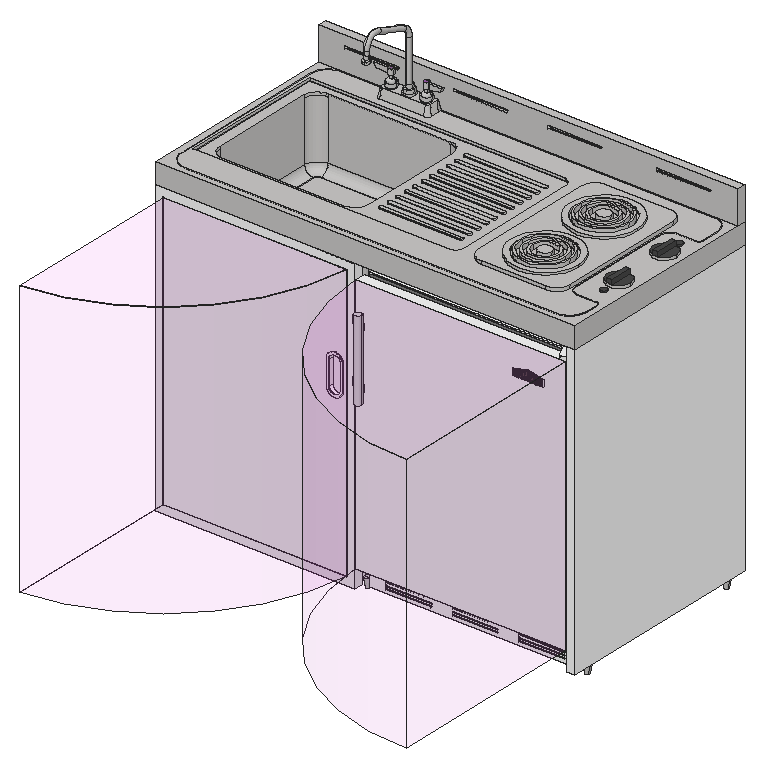
Revit family "QF_Summit_C48EL_Kitchenette", category Specialty Equipment, Revit 2020
Family settings
  Round Connector Dimension = Use Diameter
  Part Type = Normal
  Work Plane-Based = No
  Always vertical = Yes
  Cut with Voids When Loaded = No
  Shared = No
  Room Calculation Point = No
Parameters
  Weight in Pounds = 200
  Watts = Volts * FL Amps  # 2875 W
  Volts = 115 V
  URL Cutsheet = ""
  Specification by User = ""
  Specification by Manufacturer = ""
  Show LHD [instance] = no
  Show Legs [instance] = yes
  Show Clearance [instance] = yes
  Serial Number = ""
  Seismic Rating = ""
  SMACNA No = ""
  Revision Code = ""
  Refrigerant Volume = 0.00 kip
  Refrigerant Type = "R600a"
  Phase = 1
  Number of Poles = 1
  NAFEM Spec ID Number = ""
  Model = "C48EL"
  Min Ckt Ampacity = 0 A
  Max Overcurrent Protection = 0 A
  Masterspec = ""
  Manufacturer = "Summit"
  Length = 47 1/4"
  Item Number = ""
  Installed By = ""
  Identify Quantity as Lot = yes
  Height = 40"
  HP = ""
  Furnished By = ""
  Foodservice Equipment Identifier = yes
  FL Amps = 25 A
  Electrical Remarks = ""
  Electric Connection Type = ""
  Elec Conn RI Height = 0"
  Elec Conn Connection Height = 0"
  Description = "Kichenette"
  Depth = 24"
  Default Elevation = 0"
  Cycle = 60 Hz
  Conn Plug = ""
  Conn Conduit = yes
  CSI MasterFormat = ""
  BTUH = 0.0 Btu/h
  Apparent Power = if(Phase = 3, Volts * FL Amps * 1.73, Volts * FL Amps)  # 2875 VA
Reference planes (in)
  plane 1 "BACK": y = 0
  plane 2: z = 0
  plane 3 "LEFT": x = 0
  plane 4 "RIGHT": x = 47.25
  plane 5 "FRONT": y = -24
  plane 6 "TOP": z = 40
  plane 7 "Center Y": x = 23.625
  plane 8 "Center X": y = -12
  plane 9: z = 36.25
  plane 10: z = 33.875
  plane 11: z = 1
  plane 12: z = 20.875
  plane 13: z = 45.75
  plane 14: y = -1
  plane 15: y = -44.25
  plane 16: z = 36
  plane 17: x = 22.5
  plane 18: x = 46.375
Forms (in)
  Extrusion 1, solid, material "QF_Metal_Stainless_Polished"
    sketch origin (-11.06091, -180, 36.25) x (-1, 0, 0) y (0, -1, 0)
      loop
        line (-11.06091, -180) -> (-11.06091, -156) -> (-58.31091, -156) -> (-58.31091, -180) -> (-11.06091, -180)
      loop
        line (-11.81091, -177) -> (-11.81091, -158.75)
        arc (-11.81091, -158.75) -> (-12.3967, -157.33579) -> (-13.81091, -156.75) r 2
        line (-13.81091, -156.75) -> (-55.56091, -156.75)
        arc (-55.56091, -156.75) -> (-56.97512, -157.33579) -> (-57.56091, -158.75) r 2
        line (-57.56091, -158.75) -> (-57.56091, -177)
        arc (-57.56091, -177) -> (-56.97512, -178.41421) -> (-55.56091, -179) r 2
        line (-55.56091, -179) -> (-13.81091, -179)
        arc (-13.81091, -179) -> (-12.3967, -178.41421) -> (-11.81091, -177) r 2
    from 0 to -2.375
  Extrusion 2, solid, material "QF_Metal_Stainless_Polished"
    sketch origin (-2.35752, -180, 36) x (-1, 0, 0) y (0, -1, 0)
      loop
        line (-3.56275, -176.20889) -> (-3.56275, -159.83389) -> (-32.31275, -159.83389)
        arc (-32.31275, -159.83389) -> (-33.01985, -160.12678) -> (-33.31275, -160.83389) r 1
        line (-33.31275, -160.83389) -> (-33.31275, -175.20889)
        arc (-33.31275, -175.20889) -> (-33.01985, -175.916) -> (-32.31275, -176.20889) r 1
        line (-32.31275, -176.20889) -> (-3.56275, -176.20889)
      loop
        line (-20.09109, -175.375) -> (-6.34109, -175.375)
        arc (-6.34109, -175.375) -> (-5.28043, -174.93566) -> (-4.84109, -173.875) r 1.5
        line (-4.84109, -173.875) -> (-4.84109, -162)
        arc (-4.84109, -162) -> (-5.28043, -160.93934) -> (-6.34109, -160.5) r 1.5
        line (-6.34109, -160.5) -> (-20.09109, -160.5)
        arc (-20.09109, -160.5) -> (-21.15175, -160.93934) -> (-21.59109, -162) r 1.5
        line (-21.59109, -162) -> (-21.59109, -173.875)
        arc (-21.59109, -173.875) -> (-21.15175, -174.93566) -> (-20.09109, -175.375) r 1.5
    from 0 to -0.25
  Extrusion 3, solid, material "QF_Metal_Stainless_Polished"
    sketch origin (-2.35752, -178, 36) x (-1, 0, 0) y (0, -1, 0)
      loop
        line (-32.31275, -174.20889) -> (-3.56275, -174.20889) -> (-3.56275, -157.83389) -> (-32.31275, -157.83389)
        arc (-32.31275, -157.83389) -> (-33.01985, -158.12678) -> (-33.31275, -158.83389) r 1
        line (-33.31275, -158.83389) -> (-33.31275, -173.20889)
        arc (-33.31275, -173.20889) -> (-33.01985, -173.916) -> (-32.31275, -174.20889) r 1
      loop
        line (-3.10752, -175) -> (-3.10752, -156.75)
        arc (-3.10752, -156.75) -> (-3.69331, -155.33579) -> (-5.10752, -154.75) r 2
        line (-5.10752, -154.75) -> (-46.85752, -154.75)
        arc (-46.85752, -154.75) -> (-48.27174, -155.33579) -> (-48.85752, -156.75) r 2
        line (-48.85752, -156.75) -> (-48.85752, -175)
        arc (-48.85752, -175) -> (-48.27174, -176.41421) -> (-46.85752, -177) r 2
        line (-46.85752, -177) -> (-5.10752, -177)
        arc (-5.10752, -177) -> (-3.69331, -176.41421) -> (-3.10752, -175) r 2
    from 0 to -0.25
  Extrusion 4, solid, material "QF_Metal_Stainless_Polished"
    sketch origin (0.14248, -180, 36) x (-1, 0, 0) y (0, -1, 0)
      loop
        arc (-20.27666, -174.49159) -> (-20.06215, -174.27708) -> (-20.27666, -174.06256) r 0.21452
        line (-20.27666, -174.06256) -> (-29.2591, -174.06256)
        arc (-29.2591, -174.06256) -> (-29.47361, -174.27708) -> (-29.2591, -174.49159) r 0.21452
        line (-29.2591, -174.49159) -> (-20.27666, -174.49159)
      loop
        arc (-20.27666, -173.24159) -> (-20.06215, -173.02708) -> (-20.27666, -172.81256) r 0.21452
        line (-20.27666, -172.81256) -> (-29.2591, -172.81256)
        arc (-29.2591, -172.81256) -> (-29.47361, -173.02708) -> (-29.2591, -173.24159) r 0.21452
        line (-29.2591, -173.24159) -> (-20.27666, -173.24159)
      loop
        arc (-20.27666, -172.05409) -> (-20.06215, -171.83958) -> (-20.27666, -171.62506) r 0.21452
        line (-20.27666, -171.62506) -> (-29.2591, -171.62506)
        arc (-29.2591, -171.62506) -> (-29.47361, -171.83958) -> (-29.2591, -172.05409) r 0.21452
        line (-29.2591, -172.05409) -> (-20.27666, -172.05409)
      loop
        arc (-20.27666, -170.86659) -> (-20.06215, -170.65208) -> (-20.27666, -170.43756) r 0.21452
        line (-20.27666, -170.43756) -> (-29.2591, -170.43756)
        arc (-29.2591, -170.43756) -> (-29.47361, -170.65208) -> (-29.2591, -170.86659) r 0.21452
        line (-29.2591, -170.86659) -> (-20.27666, -170.86659)
      loop
        arc (-20.27666, -169.67909) -> (-20.06215, -169.46458) -> (-20.27666, -169.25006) r 0.21452
        line (-20.27666, -169.25006) -> (-29.2591, -169.25006)
        arc (-29.2591, -169.25006) -> (-29.47361, -169.46458) -> (-29.2591, -169.67909) r 0.21452
        line (-29.2591, -169.67909) -> (-20.27666, -169.67909)
      loop
        arc (-20.27666, -168.55409) -> (-20.06215, -168.33958) -> (-20.27666, -168.12506) r 0.21452
        line (-20.27666, -168.12506) -> (-29.2591, -168.12506)
        arc (-29.2591, -168.12506) -> (-29.47361, -168.33958) -> (-29.2591, -168.55409) r 0.21452
        line (-29.2591, -168.55409) -> (-20.27666, -168.55409)
      loop
        arc (-20.27666, -167.30409) -> (-20.06215, -167.08958) -> (-20.27666, -166.87506) r 0.21452
        line (-20.27666, -166.87506) -> (-29.2591, -166.87506)
        arc (-29.2591, -166.87506) -> (-29.47361, -167.08958) -> (-29.2591, -167.30409) r 0.21452
        line (-29.2591, -167.30409) -> (-20.27666, -167.30409)
      loop
        arc (-20.27666, -166.17909) -> (-20.06215, -165.96458) -> (-20.27666, -165.75006) r 0.21452
        line (-20.27666, -165.75006) -> (-29.2591, -165.75006)
        arc (-29.2591, -165.75006) -> (-29.47361, -165.96458) -> (-29.2591, -166.17909) r 0.21452
        line (-29.2591, -166.17909) -> (-20.27666, -166.17909)
      loop
        arc (-20.27666, -164.92909) -> (-20.06215, -164.71458) -> (-20.27666, -164.50006) r 0.21452
        line (-20.27666, -164.50006) -> (-29.2591, -164.50006)
        arc (-29.2591, -164.50006) -> (-29.47361, -164.71458) -> (-29.2591, -164.92909) r 0.21452
        line (-29.2591, -164.92909) -> (-20.27666, -164.92909)
      loop
        arc (-20.27666, -163.74159) -> (-20.06215, -163.52708) -> (-20.27666, -163.31256) r 0.21452
        line (-20.27666, -163.31256) -> (-29.2591, -163.31256)
        arc (-29.2591, -163.31256) -> (-29.47361, -163.52708) -> (-29.2591, -163.74159) r 0.21452
        line (-29.2591, -163.74159) -> (-20.27666, -163.74159)
      loop
        arc (-20.27666, -162.55409) -> (-20.06215, -162.33958) -> (-20.27666, -162.12506) r 0.21452
        line (-20.27666, -162.12506) -> (-29.2591, -162.12506)
        arc (-29.2591, -162.12506) -> (-29.47361, -162.33958) -> (-29.2591, -162.55409) r 0.21452
        line (-29.2591, -162.55409) -> (-20.27666, -162.55409)
    from 0 to 0.0625
  Extrusion 5, solid, material "QF_Metal_Stainless_Polished"
    sketch origin (-11.06091, -180, 36.25) x (-1, 0, 0) y (0, -1, 0)
      loop
        line (-11.06091, -180) -> (-11.06091, -179) -> (-58.31091, -179) -> (-58.31091, -180) -> (-11.06091, -180)
    from 0 to 3.75
  Sweep 6, solid, material "QF_Metal_Stainless_Polished"
    path origin (0, 0, 0) x (1, 0, 0) y (0, 1, 0)
      loop
        arc (2.48357, -18) -> (2.92291, -19.06066) -> (3.98357, -19.5) r 1.5
        line (3.98357, -19.5) -> (17.73357, -19.5)
        arc (17.73357, -19.5) -> (18.79423, -19.06066) -> (19.23357, -18) r 1.5
        line (19.23357, -18) -> (19.23357, -6.125)
        arc (19.23357, -6.125) -> (18.79423, -5.06434) -> (17.73357, -4.625) r 1.5
        line (17.73357, -4.625) -> (3.98357, -4.625)
        arc (3.98357, -4.625) -> (2.92291, -5.06434) -> (2.48357, -6.125) r 1.5
        line (2.48357, -6.125) -> (2.48357, -18)
    profile origin (2.48357, -12.0625, 0) x (-1, 0, 0) y (0, 0, 1)
      loop
        line (0, 35.875) -> (0, 28.99977)
        arc (0, 28.99977) -> (-0.29289, 28.29267) -> (-1, 27.99977) r 1
        line (-1, 27.99977) -> (-1, 27.93727)
        arc (-1, 27.93727) -> (-0.2487, 28.24847) -> (0.0625, 28.99977) r 1.0625
        line (0.0625, 28.99977) -> (0.0625, 35.875) -> (0, 35.875)
  Extrusion 7, void
    sketch origin (47.25, -1, 36.25) x (-1, 0, 0) y (0, 0, -1)
      loop
        arc (31.84057, -2.70577) -> (32.01245, -2.5339) -> (31.84057, -2.36202) r 0.17188
        line (31.84057, -2.36202) -> (25.97341, -2.36202)
        arc (25.97341, -2.36202) -> (25.80154, -2.5339) -> (25.97341, -2.70577) r 0.17188
        line (25.97341, -2.70577) -> (31.84057, -2.70577)
      loop
        arc (44.14922, -2.70577) -> (44.3211, -2.5339) -> (44.14922, -2.36202) r 0.17188
        line (44.14922, -2.36202) -> (38.28206, -2.36202)
        arc (38.28206, -2.36202) -> (38.11018, -2.5339) -> (38.28206, -2.70577) r 0.17188
        line (38.28206, -2.70577) -> (44.14922, -2.70577)
      loop
        line (15.40943, -2.70577) -> (21.27659, -2.70577)
        arc (21.27659, -2.70577) -> (21.44846, -2.5339) -> (21.27659, -2.36202) r 0.17188
        line (21.27659, -2.36202) -> (15.40943, -2.36202)
        arc (15.40943, -2.36202) -> (15.23755, -2.5339) -> (15.40943, -2.70577) r 0.17188
      loop
        line (3.10078, -2.70577) -> (8.96794, -2.70577)
        arc (8.96794, -2.70577) -> (9.13982, -2.5339) -> (8.96794, -2.36202) r 0.17188
        line (8.96794, -2.36202) -> (3.10078, -2.36202)
        arc (3.10078, -2.36202) -> (2.9289, -2.5339) -> (3.10078, -2.70577) r 0.17188
    from 0.25 to -0.25
  Extrusion 8, solid, material "QF_Plastic_White_Smooth"
    sketch origin (-11.06091, -180, 1) x (-1, 0, 0) y (0, -1, 0)
      loop
        line (-11.06091, -180) -> (-11.06091, -156) -> (-11.93591, -156) -> (-11.93591, -179.125) -> (-57.43591, -179.125) -> (-57.43591, -156) -> (-58.31091, -156) -> (-58.31091, -180) -> (-11.06091, -180)
    from 0 to 32.875
  Extrusion 9, solid, material "QF_Plastic_White_Smooth"
    sketch origin (0.875, -24, 1) x (-1, 0, 0) y (0, 0, -1)
      loop
        line (0, -32.875) -> (0, -32) -> (-20.75, -32) -> (-20.75, 0) -> (-21.625, 0) -> (-21.625, -32.875) -> (0, -32.875)
    from 0 to -1
  Extrusion 10, solid, material "QF_Plastic_White_Smooth"
    sketch origin (0.875, -0.875, 1) x (1, 0, 0) y (0, 0, 1)
      loop
        line (0, 0) -> (20.75, 0) -> (20.75, 0.875) -> (0, 0.875) -> (0, 0)
    from 0 to 23.125
  Extrusion 11, solid, material "QF_Plastic_White_Smooth"
    sketch origin (0.875, -24, 1) x (-1, 0, 0) y (0, 0, -1)
      loop
        line (-0.0625, -0.9375) -> (-20.6875, -0.9375) -> (-20.6875, -31.9375) -> (-0.0625, -31.9375) -> (-0.0625, -0.9375)
    from 0 to -1
  Extrusion 12, void
    sketch origin (13.75, -24, 1) x (-1, 0, 0) y (0, 0, -1)
      loop
        arc (-5.85467, -19.50639) -> (-6.51553, -18.84553) -> (-7.17639, -19.50639) r 0.66086
        line (-7.17639, -19.50639) -> (-7.17639, -22.2536)
        arc (-7.17639, -22.2536) -> (-6.51553, -22.91446) -> (-5.85467, -22.2536) r 0.66086
        line (-5.85467, -22.2536) -> (-5.85467, -19.50639)
    from 0.5 to -0.5009
  Extrusion 13, solid, material "QF_Plastic_White_Smooth"
    sketch origin (13.75, -24, 1) x (-1, 0, 0) y (0, 0, -1)
      loop
        arc (-7.17639, -22.2536) -> (-6.51553, -22.91446) -> (-5.85467, -22.2536) r 0.66086
        line (-5.85467, -22.2536) -> (-5.85467, -19.50639)
        arc (-5.85467, -19.50639) -> (-6.51553, -18.84553) -> (-7.17639, -19.50639) r 0.66086
        line (-7.17639, -19.50639) -> (-7.17639, -22.2536)
      loop
        arc (-7.42639, -22.2536) -> (-6.51553, -23.16446) -> (-5.60467, -22.2536) r 0.91086
        line (-5.60467, -22.2536) -> (-5.60467, -19.50639)
        arc (-5.60467, -19.50639) -> (-6.51553, -18.59553) -> (-7.42639, -19.50639) r 0.91086
        line (-7.42639, -19.50639) -> (-7.42639, -22.2536)
    from 0 to 0.0625
  Extrusion 14, solid, material "QF_Metal_Stainless_Polished"
    sketch origin (4.52411, 0, 36.25) x (1, 0, 0) y (0, 0, -1)
      loop
        circle (40.73073, 33.21044) r 0.125
    from 0 to 0.25
  Revolve 15, solid, material "QF_Metal_Stainless_Polished", visible <- "Show Legs"
    sketch origin (0, -2, 0) x (1, 0, 0) y (0, 0, 1)
      loop
        line (46.8125, 1) -> (46.8125, 0) -> (47.03274, 0) -> (47.19216, 1) -> (46.8125, 1)
      axis (46.8125, 1) -> (46.8125, 0)
    angle from 0 to 360
  Revolve 16, solid, material "QF_Metal_Stainless_Polished", visible <- "Show Legs"
    sketch origin (0, -21.625, 0) x (1, 0, 0) y (0, 0, 1)
      loop
        line (46.8125, 1) -> (46.8125, 0) -> (47.03274, 0) -> (47.19216, 1) -> (46.8125, 1)
      axis (46.8125, 1) -> (46.8125, 0)
    angle from 0 to 360
  Revolve 17, solid, material "QF_Metal_Stainless_Polished", visible <- "Show Legs"
    sketch origin (-29.125, -2, 0) x (1, 0, 0) y (0, 0, 1)
      loop
        line (29.5625, 1) -> (29.5625, 0) -> (29.78274, 0) -> (29.94216, 1) -> (29.5625, 1)
      axis (29.5625, 1) -> (29.5625, 0)
    angle from 0 to 360
  Revolve 18, solid, material "QF_Metal_Stainless_Polished", visible <- "Show Legs"
    sketch origin (-29.125, -21.625, 0) x (1, 0, 0) y (0, 0, 1)
      loop
        line (29.5625, 1) -> (29.5625, 0) -> (29.78274, 0) -> (29.94216, 1) -> (29.5625, 1)
      axis (29.5625, 1) -> (29.5625, 0)
    angle from 0 to 360
  Extrusion 19, solid, material "QF_Metal_Stainless_Polished"
    sketch origin (-2.35752, -178, 36) x (-1, 0, 0) y (0, -1, 0)
      loop
        arc (-5.10752, -177) -> (-3.69331, -176.41421) -> (-3.10752, -175) r 2
        line (-3.10752, -175) -> (-3.10752, -156.75)
        arc (-3.10752, -156.75) -> (-3.69331, -155.33579) -> (-5.10752, -154.75) r 2
        line (-5.10752, -154.75) -> (-46.85752, -154.75)
        arc (-46.85752, -154.75) -> (-48.27174, -155.33579) -> (-48.85752, -156.75) r 2
        line (-48.85752, -156.75) -> (-48.85752, -158.09658)
        arc (-48.85752, -158.09658) -> (-48.71108, -158.45013) -> (-48.35752, -158.59658) r 0.5
        line (-48.35752, -158.59658) -> (-46.26922, -158.59658)
        arc (-46.26922, -158.59658) -> (-45.56211, -158.88947) -> (-45.26922, -159.59658) r 1
        line (-45.26922, -159.59658) -> (-45.26922, -171.59653)
        arc (-45.26922, -171.59653) -> (-45.56211, -172.30364) -> (-46.26922, -172.59653) r 1
        line (-46.26922, -172.59653) -> (-48.35752, -172.59653)
        arc (-48.35752, -172.59653) -> (-48.71108, -172.74298) -> (-48.85752, -173.09653) r 0.5
        line (-48.85752, -173.09653) -> (-48.85752, -175)
        arc (-48.85752, -175) -> (-48.27174, -176.41421) -> (-46.85752, -177) r 2
        line (-46.85752, -177) -> (-5.10752, -177)
      loop
        line (-3.56275, -174.20889) -> (-3.56275, -157.83389) -> (-32.31275, -157.83389)
        arc (-32.31275, -157.83389) -> (-33.01985, -158.12678) -> (-33.31275, -158.83389) r 1
        line (-33.31275, -158.83389) -> (-33.31275, -173.20889)
        arc (-33.31275, -173.20889) -> (-33.01985, -173.916) -> (-32.31275, -174.20889) r 1
        line (-32.31275, -174.20889) -> (-3.56275, -174.20889)
      loop
        arc (-36.26149, -175.1607) -> (-35.20083, -174.72136) -> (-34.76149, -173.6607) r 1.5
        line (-34.76149, -173.6607) -> (-34.76149, -159.09285)
        arc (-34.76149, -159.09285) -> (-35.20083, -158.03219) -> (-36.26149, -157.59285) r 1.5
        line (-36.26149, -157.59285) -> (-43.51922, -157.59285)
        arc (-43.51922, -157.59285) -> (-44.57988, -158.03219) -> (-45.01922, -159.09285) r 1.5
        line (-45.01922, -159.09285) -> (-45.01922, -173.6607)
        arc (-45.01922, -173.6607) -> (-44.57988, -174.72136) -> (-43.51922, -175.1607) r 1.5
        line (-43.51922, -175.1607) -> (-36.26149, -175.1607)
    from 0 to 0.25
  Extrusion 20, solid, material "QF_Metal_Stainless_Polished"
    sketch origin (-10.31091, -180, 28.74977) x (0, -1, 0) y (-1, 0, 0)
      loop
        arc (-174.375, -28.04448) -> (-174.22855, -28.39804) -> (-173.875, -28.54448) r 0.5
        line (-173.875, -28.54448) -> (-162, -28.54448)
        arc (-162, -28.54448) -> (-161.64645, -28.39804) -> (-161.5, -28.04448) r 0.5
        line (-161.5, -28.04448) -> (-161.5, -14.29448)
        arc (-161.5, -14.29448) -> (-161.64645, -13.94093) -> (-162, -13.79448) r 0.5
        line (-162, -13.79448) -> (-173.875, -13.79448)
        arc (-173.875, -13.79448) -> (-174.22855, -13.94093) -> (-174.375, -14.29448) r 0.5
        line (-174.375, -14.29448) -> (-174.375, -28.04448)
      loop
        circle (-167.9375, -21.16948) r 1
    from 0.8125 to 0.75
  Extrusion 21, solid, material "QF_Metal_Stainless_Polished"
    sketch origin (0.64248, -178, 36) x (-1, 0, 0) y (0, -1, 0)
      loop
        arc (-42.26922, -159.59658) -> (-42.56211, -158.88947) -> (-43.26922, -158.59658) r 1
        line (-43.26922, -158.59658) -> (-45.35752, -158.59658)
        arc (-45.35752, -158.59658) -> (-45.71108, -158.45013) -> (-45.85752, -158.09658) r 0.5
        line (-45.85752, -158.09658) -> (-45.85752, -173.09653)
        arc (-45.85752, -173.09653) -> (-45.71108, -172.74298) -> (-45.35752, -172.59653) r 0.5
        line (-45.35752, -172.59653) -> (-43.26922, -172.59653)
        arc (-43.26922, -172.59653) -> (-42.56211, -172.30364) -> (-42.26922, -171.59653) r 1
        line (-42.26922, -171.59653) -> (-42.26922, -159.59658)
    from 0 to 0.25
  Extrusion 22, solid, material "QF_Metal_Stainless_Polished"
    sketch origin (7.64248, -180, 36) x (-1, 0, 0) y (0, -1, 0)
      loop
        line (-35.01922, -156.75) -> (-36.85752, -156.75)
        arc (-36.85752, -156.75) -> (-38.27174, -157.33579) -> (-38.85752, -158.75) r 2
        line (-38.85752, -158.75) -> (-38.85752, -160.09658)
        arc (-38.85752, -160.09658) -> (-38.71108, -160.45013) -> (-38.35752, -160.59658) r 0.5
        line (-38.35752, -160.59658) -> (-36.26922, -160.59658)
        arc (-36.26922, -160.59658) -> (-35.56211, -160.88947) -> (-35.26922, -161.59658) r 1
        line (-35.26922, -161.59658) -> (-35.26922, -173.59653)
        arc (-35.26922, -173.59653) -> (-35.56211, -174.30364) -> (-36.26922, -174.59653) r 1
        line (-36.26922, -174.59653) -> (-38.35752, -174.59653)
        arc (-38.35752, -174.59653) -> (-38.71108, -174.74298) -> (-38.85752, -175.09653) r 0.5
        line (-38.85752, -175.09653) -> (-38.85752, -177)
        arc (-38.85752, -177) -> (-38.27174, -178.41421) -> (-36.85752, -179) r 2
        line (-36.85752, -179) -> (-35.01922, -179) -> (-35.01922, -156.75)
    from 0 to -0.25
  Revolve 23, solid, material "QF_Metal_Stainless_Polished", visible <- "Show Legs"
    sketch origin (-16.5, -2, 0) x (1, 0, 0) y (0, 0, 1)
      loop
        line (38.5625, 1) -> (38.5625, 0) -> (38.78274, 0) -> (38.94216, 1) -> (38.5625, 1)
      axis (38.5625, 1) -> (38.5625, 0)
    angle from 0 to 360
  Revolve 24, solid, material "QF_Metal_Stainless_Polished", visible <- "Show Legs"
    sketch origin (-16.5, -21.625, 0) x (1, 0, 0) y (0, 0, 1)
      loop
        line (38.5625, 1) -> (38.5625, 0) -> (38.78274, 0) -> (38.94216, 1) -> (38.5625, 1)
      axis (38.5625, 1) -> (38.5625, 0)
    angle from 0 to 360
  Extrusion 25, solid, material "QF_Metal_Stainless_Polished"
    sketch origin (11.66498, -180, 36.125) x (-1, 0, 0) y (0, -1, 0)
      loop
        arc (-22.23899, -177.1607) -> (-21.17833, -176.72136) -> (-20.73899, -175.6607) r 1.5
        line (-20.73899, -175.6607) -> (-20.73899, -161.09285)
        arc (-20.73899, -161.09285) -> (-21.17833, -160.03219) -> (-22.23899, -159.59285) r 1.5
        line (-22.23899, -159.59285) -> (-29.49672, -159.59285)
        arc (-29.49672, -159.59285) -> (-30.55738, -160.03219) -> (-30.99672, -161.09285) r 1.5
        line (-30.99672, -161.09285) -> (-30.99672, -175.6607)
        arc (-30.99672, -175.6607) -> (-30.55738, -176.72136) -> (-29.49672, -177.1607) r 1.5
        line (-29.49672, -177.1607) -> (-22.23899, -177.1607)
    from 0 to 0.42639
  Extrusion 26, solid, material "QF_Metal_Stainless_Polished"
    sketch origin (11.66498, -180, 36.55139) x (-1, 0, 0) y (0, -1, 0)
      loop
        circle (-25.84717, -164.0404) r 3.75
      loop
        circle (-25.84717, -164.0404) r 3.14413
      loop
        circle (-25.84717, -172.3346) r 3.75
      loop
        circle (-25.84717, -172.3346) r 3.14413
    from 0 to 0.25
  Extrusion 27, solid, material "QF_Metal_Stainless_Polished"
    sketch origin (11.66498, -180, 36.80139) x (-1, 0, 0) y (0, -1, 0)
      loop
        circle (-25.84717, -164.0404) r 2.84153
      loop
        circle (-25.84717, -164.0404) r 2.64726
      loop
        circle (-25.84717, -164.0404) r 2.25
      loop
        circle (-25.84717, -164.0404) r 2
      loop
        circle (-25.84717, -164.0404) r 1.5838
      loop
        circle (-25.84717, -164.0404) r 1.34637
      loop
        circle (-25.84717, -164.0404) r 0.75
      loop
        circle (-25.84717, -172.3346) r 2.84153
      loop
        circle (-25.84717, -172.3346) r 2.64726
      loop
        circle (-25.84717, -172.3346) r 2.25
      loop
        circle (-25.84717, -172.3346) r 2
      loop
        circle (-25.84717, -172.3346) r 1.5838
      loop
        circle (-25.84717, -172.3346) r 1.34637
      loop
        circle (-25.84717, -172.3346) r 0.75
    from -0.25 to 0.25
  Extrusion 28, solid, material "QF_Metal_Stainless_Polished", not visible
    sketch origin (-2.35752, -180, 36.125) x (-1, 0, 0) y (0, -1, 0)
      loop
        arc (-22.23899, -177.1607) -> (-21.17833, -176.72136) -> (-20.73899, -175.6607) r 1.5
        line (-20.73899, -175.6607) -> (-20.73899, -161.09285)
        arc (-20.73899, -161.09285) -> (-21.17833, -160.03219) -> (-22.23899, -159.59285) r 1.5
        line (-22.23899, -159.59285) -> (-29.49672, -159.59285)
        arc (-29.49672, -159.59285) -> (-30.55738, -160.03219) -> (-30.99672, -161.09285) r 1.5
        line (-30.99672, -161.09285) -> (-30.99672, -175.6607)
        arc (-30.99672, -175.6607) -> (-30.55738, -176.72136) -> (-29.49672, -177.1607) r 1.5
        line (-29.49672, -177.1607) -> (-22.23899, -177.1607)
    from 0 to 0.42639
  Extrusion 29, solid, material "QF_Metal_Stainless_Polished", not visible
    sketch origin (-2.35752, -180, 36.55139) x (-1, 0, 0) y (0, -1, 0)
      loop
        circle (-25.84717, -164.0404) r 3.75
      loop
        circle (-25.84717, -164.0404) r 3.14413
      loop
        circle (-25.84717, -172.3346) r 3.75
      loop
        circle (-25.84717, -172.3346) r 3.14413
    from 0 to 0.25
  Extrusion 30, solid, material "QF_Metal_Stainless_Polished", not visible
    sketch origin (-2.35752, -180, 36.80139) x (-1, 0, 0) y (0, -1, 0)
      loop
        circle (-25.84717, -164.0404) r 2.84153
      loop
        circle (-25.84717, -164.0404) r 2.64726
      loop
        circle (-25.84717, -164.0404) r 2.25
      loop
        circle (-25.84717, -164.0404) r 2
      loop
        circle (-25.84717, -164.0404) r 1.5838
      loop
        circle (-25.84717, -164.0404) r 1.34637
      loop
        circle (-25.84717, -164.0404) r 0.75
      loop
        circle (-25.84717, -172.3346) r 2.84153
      loop
        circle (-25.84717, -172.3346) r 2.64726
      loop
        circle (-25.84717, -172.3346) r 2.25
      loop
        circle (-25.84717, -172.3346) r 2
      loop
        circle (-25.84717, -172.3346) r 1.5838
      loop
        circle (-25.84717, -172.3346) r 1.34637
      loop
        circle (-25.84717, -172.3346) r 0.75
    from -0.25 to 0.25
  Extrusion 31, solid, material "QF_Metal_Stainless_Polished"
    sketch origin (0.64248, -178, 36.25) x (-1, 0, 0) y (0, -1, 0)
      loop
        circle (-44.60165, -169.23461) r 1.31391
      loop
        circle (-44.60165, -162.76539) r 1.31391
    from 0 to 0.25
  Extrusion 32, solid, material "QF_Plastic_Black_Smooth"
    sketch origin (0.64248, -178, 36.5) x (-1, 0, 0) y (0, -1, 0)
      loop
        line (-44.33603, -170.52139) -> (-44.33603, -167.94783)
        arc (-44.33603, -167.94783) -> (-44.60165, -167.9207) -> (-44.86728, -167.94783) r 1.31391
        line (-44.86728, -167.94783) -> (-44.86728, -170.52139)
        arc (-44.86728, -170.52139) -> (-44.60165, -170.54852) -> (-44.33603, -170.52139) r 1.31391
      loop
        line (-44.33603, -164.05217) -> (-44.33603, -161.47861)
        arc (-44.33603, -161.47861) -> (-44.60165, -161.45148) -> (-44.86728, -161.47861) r 1.31391
        line (-44.86728, -161.47861) -> (-44.86728, -164.05217)
        arc (-44.86728, -164.05217) -> (-44.60165, -164.0793) -> (-44.33603, -164.05217) r 1.31391
    from 0 to 0.5
  Extrusion 33, solid, material "QF_Plastic_Black_Smooth"
    sketch origin (0.64248, -178, 36.25) x (-1, 0, 0) y (0, -1, 0)
      loop
        circle (-44.58853, -171.35138) r 0.34597
      loop
        circle (-44.58853, -160.64862) r 0.34597
    from 0 to 0.0625
  Extrusion 34, solid, material "QF_Clearances_Door_Drawer", visible <- "Show Clearance"
    sketch origin (17.8125, -24, 1.9375) x (0, 1, 0) y (1, 0, 0)
      loop
        line (0, -16.875) -> (0, 3.75)
        arc (0, 3.75) -> (-13.90828, -2.84801) -> (-20.25, -16.875) r 22.34781
        line (-20.25, -16.875) -> (0, -16.875)
    from 0 to -31
  Extrusion 35, void
    sketch origin (0, 0, 0) x (1, 0, 0) y (0, 0, 1)
      loop
        line (22.5, 5.75) -> (46.375, 5.75) -> (46.375, 29.125) -> (22.5, 29.125) -> (22.5, 5.75)
    from -6.52318 to 5.50841
Cuts and joins
  joined: Extrusion 2, Sweep 6
  Extrusion 7 cuts Extrusion 5
  Extrusion 35 cuts Extrusion 8
  joined: Extrusion 8, Extrusion 9, Extrusion 10
  Extrusion 12 cuts Extrusion 11
  joined: Extrusion 1, Extrusion 21
Lines and regions (in)
  symbolic lines
    curve 1: line (0, 0, 0) -> (0, -24, 0)
    curve 2: line (47.25, -24, 0) -> (47.25, 0, 0)
    curve 3: line (47.25, 0, 0) -> (0, 0, 0)
    curve 4: line (0, -1, 0) -> (47.25, -1, 0)
    curve 5: line (0, -24, 0) -> (47.25, -24, 0)
    curve 6: arc (0.75, -21.25, 0) -> (1.33579, -22.66421, 0) -> (2.75, -23.25, 0) r 2
    curve 7: line (2.75, -23.25, 0) -> (44.5, -23.25, 0)
    curve 8: arc (44.5, -23.25, 0) -> (45.91421, -22.66421, 0) -> (46.5, -21.25, 0) r 2
    curve 9: line (46.5, -21.25, 0) -> (46.5, -19.90342, 0)
    curve 10: arc (46.5, -19.90342, 0) -> (46.35355, -19.54987, 0) -> (46, -19.40342, 0) r 0.5
    curve 11: line (46, -19.40342, 0) -> (43.91169, -19.40342, 0)
    curve 12: arc (43.91169, -19.40342, 0) -> (43.20459, -19.11053, 0) -> (42.91169, -18.40342, 0) r 1
    curve 13: line (42.91169, -18.40342, 0) -> (42.91169, -6.40347, 0)
    curve 14: arc (42.91169, -6.40347, 0) -> (43.20459, -5.69636, 0) -> (43.91169, -5.40347, 0) r 1
    curve 15: line (43.91169, -5.40347, 0) -> (46, -5.40347, 0)
    curve 16: arc (46, -5.40347, 0) -> (46.35355, -5.25702, 0) -> (46.5, -4.90347, 0) r 0.5
    curve 17: line (46.5, -4.90347, 0) -> (46.5, -3, 0)
    curve 18: arc (46.5, -3, 0) -> (45.91421, -1.58579, 0) -> (44.5, -1, 0) r 2
    curve 19: arc (2.75, -1, 0) -> (1.33579, -1.58579, 0) -> (0.75, -3, 0) r 2
    curve 20: line (0.75, -3, 0) -> (0.75, -21.25, 0)
    curve 21: line (1.20523, -20.16611, 0) -> (1.20523, -3.79111, 0)
    curve 22: line (1.20523, -3.79111, 0) -> (29.95523, -3.79111, 0)
    curve 23: arc (29.95523, -3.79111, 0) -> (30.66233, -4.084, 0) -> (30.95523, -4.79111, 0) r 1
    curve 24: line (30.95523, -4.79111, 0) -> (30.95523, -19.16611, 0)
    curve 25: arc (30.95523, -19.16611, 0) -> (30.66233, -19.87322, 0) -> (29.95523, -20.16611, 0) r 1
    curve 26: line (29.95523, -20.16611, 0) -> (1.20523, -20.16611, 0)
    curve 27: arc (3.98357, -19.5, 0) -> (2.92291, -19.06066, 0) -> (2.48357, -18, 0) r 1.5
    curve 28: line (2.48357, -18, 0) -> (2.48357, -6.125, 0)
    curve 29: arc (2.48357, -6.125, 0) -> (2.92291, -5.06434, 0) -> (3.98357, -4.625, 0) r 1.5
    curve 30: line (3.98357, -4.625, 0) -> (10.67337, -4.625, 0)
    curve 31: arc (17.73357, -4.625, 0) -> (18.79423, -5.06434, 0) -> (19.23357, -6.125, 0) r 1.5
    curve 32: line (19.23357, -6.125, 0) -> (19.23357, -18, 0)
    curve 33: arc (19.23357, -18, 0) -> (18.79423, -19.06066, 0) -> (17.73357, -19.5, 0) r 1.5
    curve 34: line (17.73357, -19.5, 0) -> (3.98357, -19.5, 0)
    curve 35: arc (3.48357, -18, 0) -> (3.63002, -18.35355, 0) -> (3.98357, -18.5, 0) r 0.5
    curve 36: line (3.98357, -18.5, 0) -> (17.73357, -18.5, 0)
    curve 37: arc (17.73357, -18.5, 0) -> (18.08713, -18.35355, 0) -> (18.23357, -18, 0) r 0.5
    curve 38: line (18.23357, -18, 0) -> (18.23357, -6.125, 0)
    curve 39: arc (18.23357, -6.125, 0) -> (18.08713, -5.77145, 0) -> (17.73357, -5.625, 0) r 0.5
    curve 40: line (17.73357, -5.625, 0) -> (11.29837, -5.625, 0)
    curve 41: arc (3.98357, -5.625, 0) -> (3.63002, -5.77145, 0) -> (3.48357, -6.125, 0) r 0.5
    curve 42: line (3.48357, -6.125, 0) -> (3.48357, -18, 0)
    curve 43: arc (10.85857, -13.0625, 0) -> (9.85857, -12.0625, 0) -> (10.85857, -11.0625, 0) r 1
    curve 44: arc (10.85857, -13.0625, 0) -> (11.85857, -12.0625, 0) -> (10.85857, -11.0625, 0) r 1
    curve 45: line (20.41914, -5.93744, 0) -> (29.40158, -5.93744, 0)
    curve 46: arc (29.40158, -5.93744, 0) -> (29.61609, -5.72292, 0) -> (29.40158, -5.50841, 0) r 0.21452
    curve 47: line (29.40158, -5.50841, 0) -> (20.41914, -5.50841, 0)
    curve 48: arc (20.41914, -5.50841, 0) -> (20.20463, -5.72292, 0) -> (20.41914, -5.93744, 0) r 0.21452
    curve 49: line (29.40158, -6.75841, 0) -> (20.41914, -6.75841, 0)
    curve 50: arc (20.41914, -6.75841, 0) -> (20.20463, -6.97292, 0) -> (20.41914, -7.18744, 0) r 0.21452
    curve 51: line (20.41914, -7.18744, 0) -> (29.40158, -7.18744, 0)
    curve 52: arc (29.40158, -7.18744, 0) -> (29.61609, -6.97292, 0) -> (29.40158, -6.75841, 0) r 0.21452
    curve 53: line (29.40158, -7.94591, 0) -> (20.41914, -7.94591, 0)
    curve 54: arc (20.41914, -7.94591, 0) -> (20.20463, -8.16042, 0) -> (20.41914, -8.37494, 0) r 0.21452
    curve 55: line (20.41914, -8.37494, 0) -> (29.40158, -8.37494, 0)
    curve 56: arc (29.40158, -8.37494, 0) -> (29.61609, -8.16042, 0) -> (29.40158, -7.94591, 0) r 0.21452
    curve 57: line (29.40158, -9.13341, 0) -> (20.41914, -9.13341, 0)
    curve 58: arc (20.41914, -9.13341, 0) -> (20.20463, -9.34792, 0) -> (20.41914, -9.56244, 0) r 0.21452
    curve 59: line (20.41914, -9.56244, 0) -> (29.40158, -9.56244, 0)
    curve 60: arc (29.40158, -9.56244, 0) -> (29.61609, -9.34792, 0) -> (29.40158, -9.13341, 0) r 0.21452
    curve 61: line (29.40158, -10.32091, 0) -> (20.41914, -10.32091, 0)
    curve 62: arc (20.41914, -10.32091, 0) -> (20.20463, -10.53542, 0) -> (20.41914, -10.74994, 0) r 0.21452
    curve 63: line (20.41914, -10.74994, 0) -> (29.40158, -10.74994, 0)
    curve 64: arc (29.40158, -10.74994, 0) -> (29.61609, -10.53542, 0) -> (29.40158, -10.32091, 0) r 0.21452
    curve 65: line (29.40158, -11.44591, 0) -> (20.41914, -11.44591, 0)
    curve 66: arc (20.41914, -11.44591, 0) -> (20.20463, -11.66042, 0) -> (20.41914, -11.87494, 0) r 0.21452
    curve 67: line (20.41914, -11.87494, 0) -> (29.40158, -11.87494, 0)
    curve 68: arc (29.40158, -11.87494, 0) -> (29.61609, -11.66042, 0) -> (29.40158, -11.44591, 0) r 0.21452
    curve 69: line (29.40158, -12.69591, 0) -> (20.41914, -12.69591, 0)
    curve 70: arc (20.41914, -12.69591, 0) -> (20.20463, -12.91042, 0) -> (20.41914, -13.12494, 0) r 0.21452
    curve 71: line (20.41914, -13.12494, 0) -> (29.40158, -13.12494, 0)
    curve 72: arc (29.40158, -13.12494, 0) -> (29.61609, -12.91042, 0) -> (29.40158, -12.69591, 0) r 0.21452
    curve 73: line (29.40158, -13.82091, 0) -> (20.41914, -13.82091, 0)
    curve 74: arc (20.41914, -13.82091, 0) -> (20.20463, -14.03542, 0) -> (20.41914, -14.24994, 0) r 0.21452
    curve 75: line (20.41914, -14.24994, 0) -> (29.40158, -14.24994, 0)
    curve 76: arc (29.40158, -14.24994, 0) -> (29.61609, -14.03542, 0) -> (29.40158, -13.82091, 0) r 0.21452
    curve 77: line (29.40158, -15.07091, 0) -> (20.41914, -15.07091, 0)
    curve 78: arc (20.41914, -15.07091, 0) -> (20.20463, -15.28542, 0) -> (20.41914, -15.49994, 0) r 0.21452
    curve 79: line (20.41914, -15.49994, 0) -> (29.40158, -15.49994, 0)
    curve 80: arc (29.40158, -15.49994, 0) -> (29.61609, -15.28542, 0) -> (29.40158, -15.07091, 0) r 0.21452
    curve 81: line (29.40158, -16.25841, 0) -> (20.41914, -16.25841, 0)
    curve 82: arc (20.41914, -16.25841, 0) -> (20.20463, -16.47292, 0) -> (20.41914, -16.68744, 0) r 0.21452
    curve 83: line (20.41914, -16.68744, 0) -> (29.40158, -16.68744, 0)
    curve 84: arc (29.40158, -16.68744, 0) -> (29.61609, -16.47292, 0) -> (29.40158, -16.25841, 0) r 0.21452
    curve 85: line (29.40158, -17.44591, 0) -> (20.41914, -17.44591, 0)
    curve 86: arc (20.41914, -17.44591, 0) -> (20.20463, -17.66042, 0) -> (20.41914, -17.87494, 0) r 0.21452
    curve 87: line (20.41914, -17.87494, 0) -> (29.40158, -17.87494, 0)
    curve 88: arc (29.40158, -17.87494, 0) -> (29.61609, -17.66042, 0) -> (29.40158, -17.44591, 0) r 0.21452
    curve 89: line (11.29837, -4.625, 0) -> (17.73357, -4.625, 0)
    curve 90: line (10.67337, -5.625, 0) -> (3.98357, -5.625, 0)
    curve 91: line (32.40397, -4.3393, 0) -> (32.40397, -18.90715, 0)
    curve 92: arc (32.40397, -18.90715, 0) -> (32.84331, -19.96781, 0) -> (33.90397, -20.40715, 0) r 1.5
    curve 93: line (33.90397, -20.40715, 0) -> (41.16169, -20.40715, 0)
    curve 94: arc (41.16169, -20.40715, 0) -> (42.22235, -19.96781, 0) -> (42.66169, -18.90715, 0) r 1.5
    curve 95: line (42.66169, -18.90715, 0) -> (42.66169, -4.3393, 0)
    curve 96: arc (42.66169, -4.3393, 0) -> (42.22235, -3.27864, 0) -> (41.16169, -2.8393, 0) r 1.5
    curve 97: line (41.16169, -2.8393, 0) -> (33.90397, -2.8393, 0)
    curve 98: arc (33.90397, -2.8393, 0) -> (32.84331, -3.27864, 0) -> (32.40397, -4.3393, 0) r 1.5
    curve 99: arc (41.26214, -7.6654, 0) -> (37.51214, -3.9154, 0) -> (33.76214, -7.6654, 0) r 3.75
    curve 100: arc (33.76214, -7.6654, 0) -> (37.51214, -11.4154, 0) -> (41.26214, -7.6654, 0) r 3.75
    curve 101: arc (34.36802, -7.6654, 0) -> (37.51214, -4.52127, 0) -> (40.65627, -7.6654, 0) r 3.14413
    curve 102: arc (40.65627, -7.6654, 0) -> (37.51214, -10.80953, 0) -> (34.36802, -7.6654, 0) r 3.14413
    curve 103: arc (40.35367, -7.6654, 0) -> (37.51214, -4.82387, 0) -> (34.67062, -7.6654, 0) r 2.84153
    curve 104: arc (34.67062, -7.6654, 0) -> (37.51214, -10.50693, 0) -> (40.35367, -7.6654, 0) r 2.84153
    curve 105: arc (34.86488, -7.6654, 0) -> (37.51214, -5.01814, 0) -> (40.1594, -7.6654, 0) r 2.64726
    curve 106: arc (40.1594, -7.6654, 0) -> (37.51214, -10.31266, 0) -> (34.86488, -7.6654, 0) r 2.64726
    curve 107: arc (39.76214, -7.6654, 0) -> (37.51214, -5.4154, 0) -> (35.26214, -7.6654, 0) r 2.25
    curve 108: arc (35.26214, -7.6654, 0) -> (37.51214, -9.9154, 0) -> (39.76214, -7.6654, 0) r 2.25
    curve 109: arc (35.51214, -7.6654, 0) -> (37.51214, -5.6654, 0) -> (39.51214, -7.6654, 0) r 2
    curve 110: arc (39.51214, -7.6654, 0) -> (37.51214, -9.6654, 0) -> (35.51214, -7.6654, 0) r 2
    curve 111: arc (39.09595, -7.6654, 0) -> (37.51214, -6.0816, 0) -> (35.92834, -7.6654, 0) r 1.5838
    curve 112: arc (35.92834, -7.6654, 0) -> (37.51214, -9.2492, 0) -> (39.09595, -7.6654, 0) r 1.5838
    curve 113: arc (36.16577, -7.6654, 0) -> (37.51214, -6.31902, 0) -> (38.85852, -7.6654, 0) r 1.34637
    curve 114: arc (38.85852, -7.6654, 0) -> (37.51214, -9.01177, 0) -> (36.16577, -7.6654, 0) r 1.34637
    curve 115: arc (38.26214, -7.6654, 0) -> (37.51214, -6.9154, 0) -> (36.76214, -7.6654, 0) r 0.75
    curve 116: arc (36.76214, -7.6654, 0) -> (37.51214, -8.4154, 0) -> (38.26214, -7.6654, 0) r 0.75
    curve 117: arc (41.26214, -15.9596, 0) -> (37.51214, -12.2096, 0) -> (33.76214, -15.9596, 0) r 3.75
    curve 118: arc (33.76214, -15.9596, 0) -> (37.51214, -19.7096, 0) -> (41.26214, -15.9596, 0) r 3.75
    curve 119: arc (34.36802, -15.9596, 0) -> (37.51214, -12.81547, 0) -> (40.65627, -15.9596, 0) r 3.14413
    curve 120: arc (40.65627, -15.9596, 0) -> (37.51214, -19.10373, 0) -> (34.36802, -15.9596, 0) r 3.14413
    curve 121: arc (40.35367, -15.9596, 0) -> (37.51214, -13.11807, 0) -> (34.67062, -15.9596, 0) r 2.84153
    curve 122: arc (34.67062, -15.9596, 0) -> (37.51214, -18.80113, 0) -> (40.35367, -15.9596, 0) r 2.84153
    curve 123: arc (34.86488, -15.9596, 0) -> (37.51214, -13.31234, 0) -> (40.1594, -15.9596, 0) r 2.64726
    curve 124: arc (40.1594, -15.9596, 0) -> (37.51214, -18.60686, 0) -> (34.86488, -15.9596, 0) r 2.64726
    curve 125: arc (39.76214, -15.9596, 0) -> (37.51214, -13.7096, 0) -> (35.26214, -15.9596, 0) r 2.25
    curve 126: arc (35.26214, -15.9596, 0) -> (37.51214, -18.2096, 0) -> (39.76214, -15.9596, 0) r 2.25
    curve 127: arc (35.51214, -15.9596, 0) -> (37.51214, -13.9596, 0) -> (39.51214, -15.9596, 0) r 2
    curve 128: arc (39.51214, -15.9596, 0) -> (37.51214, -17.9596, 0) -> (35.51214, -15.9596, 0) r 2
    curve 129: arc (39.09595, -15.9596, 0) -> (37.51214, -14.3758, 0) -> (35.92834, -15.9596, 0) r 1.5838
    curve 130: arc (35.92834, -15.9596, 0) -> (37.51214, -17.5434, 0) -> (39.09595, -15.9596, 0) r 1.5838
    curve 131: arc (36.16577, -15.9596, 0) -> (37.51214, -14.61323, 0) -> (38.85852, -15.9596, 0) r 1.34637
    curve 132: arc (38.85852, -15.9596, 0) -> (37.51214, -17.30598, 0) -> (36.16577, -15.9596, 0) r 1.34637
    curve 133: arc (38.26214, -15.9596, 0) -> (37.51214, -15.2096, 0) -> (36.76214, -15.9596, 0) r 0.75
    curve 134: arc (36.76214, -15.9596, 0) -> (37.51214, -16.7096, 0) -> (38.26214, -15.9596, 0) r 0.75
    curve 135: arc (45.57697, -6.64862, 0) -> (45.23101, -6.30265, 0) -> (44.88504, -6.64862, 0) r 0.34597
    curve 136: arc (44.88504, -6.64862, 0) -> (45.23101, -6.99459, 0) -> (45.57697, -6.64862, 0) r 0.34597
    curve 137: arc (46.55803, -8.76539, 0) -> (45.24413, -7.45148, 0) -> (43.93022, -8.76539, 0) r 1.31391
    curve 138: arc (43.93022, -8.76539, 0) -> (45.24413, -10.0793, 0) -> (46.55803, -8.76539, 0) r 1.31391
    curve 139: line (44.9785, -7.47861, 0) -> (44.9785, -10.05217, 0)
    curve 140: line (45.50975, -10.05217, 0) -> (45.50975, -7.47861, 0)
    curve 141: line (44.9785, -13.94783, 0) -> (44.9785, -16.52139, 0)
    curve 142: line (45.50975, -16.52139, 0) -> (45.50975, -13.94783, 0)
    curve 143: arc (46.55803, -15.23461, 0) -> (45.24413, -13.9207, 0) -> (43.93022, -15.23461, 0) r 1.31391
    curve 144: arc (43.93022, -15.23461, 0) -> (45.24413, -16.54852, 0) -> (46.55803, -15.23461, 0) r 1.31391
    curve 145: arc (44.88504, -17.35138, 0) -> (45.23101, -17.69735, 0) -> (45.57697, -17.35138, 0) r 0.34597
    curve 146: arc (45.57697, -17.35138, 0) -> (45.23101, -17.00541, 0) -> (44.88504, -17.35138, 0) r 0.34597
  symbolic lines, style "QF_Clearances_Door_Drawer", visible <- "Show Clearance"
    curve 147: line (0.9375, -24, 0) -> (18.1689, -33.94855, 0)
    curve 148: arc (21.5625, -24, 0) -> (20.45894, -29.17664, 0) -> (18.1689, -33.94855, 0) r 22.34781
Dimensions and locks (in)
  equal spacing: plane 3 "LEFT", plane 7 "Center Y", plane 4 "RIGHT"
  "Length": plane 3 "LEFT" to plane 4 "RIGHT"
  equal spacing: plane 5 "FRONT", plane 8 "Center X", plane 1 "BACK"
  "Depth": plane 5 "FRONT" to plane 1 "BACK"
  "Height": plane 6 "TOP" to level
  plane 4 "RIGHT" to plane 3 "LEFT" = 47 1/4"
  plane 6 "TOP" to plane 9 = 3 3/4"
  plane 9 to plane 10 = 2 3/8"
  plane 9 to plane 2 = 36 1/4"
  plane 11 to plane 2 = 1"
  plane 10 to plane 11 = 32 7/8"
  plane 10 to plane 12 = 13"
  plane 14 to plane 1 "BACK" = 1"
  locked: plane 13 to plane 9 at 9.5
  plane 15 to plane 1 "BACK" = 44 1/4"
  plane 17 to plane 3 "LEFT" = 22 1/2"
  plane 17 to plane 18 = 23 7/8"
  locked: plane 9 to plane 16 at 0.25
  plane 3 "LEFT" to nested 1 = 11"
  aligned and locked: level to plane 2
Automatic sketch dimensions
  Extrusion 25 sketch curve to Extrusion 25 sketch curve = 7.25773"  (x2)
  Extrusion 25 sketch curve to Extrusion 25 sketch curve = 1 1/2"  (x3)
  Extrusion 25 sketch curve to Extrusion 25 sketch curve = 14.56786"
  Extrusion 26 sketch curve to Extrusion 26 sketch curve = 0"  (x4)
  Extrusion 26 sketch curve to Extrusion 25 = 5.10818"  (x2)
  Extrusion 26 sketch curve to Extrusion 25 = 4.8261"
  Extrusion 26 sketch curve to Extrusion 25 = 4.44755"
  Extrusion 28 sketch curve to Extrusion 28 sketch curve = 7.25773"  (x2)
  Extrusion 28 sketch curve to Extrusion 28 sketch curve = 1 1/2"  (x3)
  Extrusion 28 sketch curve to Extrusion 28 sketch curve = 14.56786"
  Extrusion 29 sketch curve to Extrusion 29 sketch curve = 0"  (x4)
  Extrusion 29 sketch curve to Extrusion 28 = 5.10818"  (x2)
  Extrusion 29 sketch curve to Extrusion 28 = 4.8261"
  Extrusion 29 sketch curve to Extrusion 28 = 4.44755"
  plane 1 "BACK" to Extrusion 1 sketch curve = 0"
  Extrusion 1 sketch curve to plane 4 "RIGHT" = 0"
  Extrusion 1 sketch curve to plane 14 = 0"
  Extrusion 1 sketch curve to plane 3 "LEFT" = 0"
  plane 5 "FRONT" to Extrusion 1 sketch curve = 0"
  Extrusion 1 sketch curve to plane 18 = 1/8"
  plane 18 to Extrusion 1 sketch curve = 1 7/8"  (x2)
  Extrusion 1 sketch curve to plane 5 "FRONT" = 3/4"
  plane 3 "LEFT" to Extrusion 1 sketch curve = 2 3/4"  (x2)
  plane 3 "LEFT" to Extrusion 1 sketch curve = 3/4"
  plane 7 "Center Y" to Extrusion 2 sketch curve = 7.33023"
  Extrusion 2 sketch curve to Extrusion 2 sketch curve = 1"  (x2)
  plane 17 to Extrusion 2 sketch curve = 3.26643"
  Extrusion 2 sketch curve to Extrusion 2 sketch curve = 1 1/2"  (x3)
  plane 3 "LEFT" to Extrusion 2 sketch curve = 3.98357"  (x2)
  plane 3 "LEFT" to Extrusion 2 sketch curve = 1.20523"
  Extrusion 2 sketch curve to plane 14 = 2.79111"
  Extrusion 2 sketch curve to plane 14 = 3 5/8"
  Extrusion 2 sketch curve to plane 5 "FRONT" = 6"
  Extrusion 2 sketch curve to plane 5 "FRONT" = 4.83389"
  Extrusion 3 sketch curve to plane 14 = 0"
  Extrusion 3 sketch curve to plane 18 = 1/8"
  plane 18 to Extrusion 3 sketch curve = 1 7/8"  (x2)
  Extrusion 3 sketch curve to plane 5 "FRONT" = 3/4"
  plane 7 "Center Y" to Extrusion 3 sketch curve = 7.33023"
  Extrusion 3 sketch curve to Extrusion 3 sketch curve = 1"  (x2)
  plane 3 "LEFT" to Extrusion 3 sketch curve = 2 3/4"  (x2)
  plane 3 "LEFT" to Extrusion 3 sketch curve = 1.20523"
  plane 3 "LEFT" to Extrusion 3 sketch curve = 3/4"
  Extrusion 3 sketch curve to Extrusion 3 sketch curve = 0.79111"
  Extrusion 3 sketch curve to plane 5 "FRONT" = 4.83389"
  plane 7 "Center Y" to Extrusion 4 sketch curve = 5.77658"  (x2)
  Extrusion 4 sketch curve to Extrusion 4 sketch curve = 0"  (x19)
  plane 8 "Center X" to Extrusion 4 sketch curve = 0.12506"
  plane 17 to Extrusion 4 sketch curve = 2.08086"
  Extrusion 4 sketch curve to Extrusion 4 sketch curve = 0.21452"  (x11)
  Extrusion 4 sketch curve to Extrusion 4 sketch curve = 0.69597"  (x2)
  Extrusion 4 sketch curve to Extrusion 4 sketch curve = 0.75847"  (x5)
  Extrusion 4 sketch curve to Extrusion 4 sketch curve = 0.82097"  (x2)
  Extrusion 4 sketch curve to plane 8 "Center X" = 0.69591"
  plane 1 "BACK" to Extrusion 5 sketch curve = 0"
  Extrusion 5 sketch curve to plane 4 "RIGHT" = 0"
  Extrusion 5 sketch curve to plane 3 "LEFT" = 0"
  Extrusion 5 sketch curve to plane 14 = 0"
  plane 3 "LEFT" to Sweep 6 sketch curve = 2.48357"
  Sweep 6 sketch curve to Sweep 6 sketch curve = 1 1/2"  (x3)
  plane 17 to Sweep 6 sketch curve = 4.76643"  (x2)
  Sweep 6 sketch curve to plane 5 "FRONT" = 4 1/2"
  Sweep 6 sketch curve to plane 14 = 5 1/8"
  Sweep 6 sketch curve to Sweep 6 sketch curve = 0"  (x2)
  Sweep 6 sketch curve to profile plane = 0"
  profile plane to Sweep 6 sketch curve = 1"
  Sweep 6 sketch curve to Sweep 6 sketch curve = 1/16"
  level to Sweep 6 sketch curve = 27.93727"
  Sweep 6 sketch curve to Sweep 6 sketch curve = 6.87523"
  Extrusion 5 to Extrusion 7 sketch curve = 1.2161"  (x2)
  Extrusion 7 sketch curve to Extrusion 5 = 3.10078"
  Extrusion 5 to Extrusion 7 sketch curve = 1.38798"  (x2)
  Extrusion 7 sketch curve to Extrusion 7 sketch curve = 5.86716"  (x3)
  Extrusion 7 sketch curve to Extrusion 7 sketch curve = 6.44149"  (x2)
  Extrusion 5 to Extrusion 7 sketch curve = 1.04423"  (x2)
  Extrusion 7 sketch curve to Extrusion 7 sketch curve = 4.69682"
  Extrusion 5 to Extrusion 7 sketch curve = 3.10078"
  Extrusion 7 sketch curve to Extrusion 7 sketch curve = 11/64"  (x2)
  plane 1 "BACK" to Extrusion 8 sketch curve = 0"
  Extrusion 8 sketch curve to plane 4 "RIGHT" = 0"
  plane 5 "FRONT" to Extrusion 8 sketch curve = 0"  (x2)
  Extrusion 8 sketch curve to plane 18 = 0"
  Extrusion 8 sketch curve to plane 3 "LEFT" = 0"
  plane 14 to Extrusion 8 sketch curve = 1/8"
  plane 3 "LEFT" to Extrusion 8 sketch curve = 7/8"
  Extrusion 9 sketch curve to Extrusion 8 = 0"  (x3)
  Extrusion 8 to Extrusion 9 sketch curve = 7/8"
  Extrusion 8 to Extrusion 9 sketch curve = 20 3/4"
  Extrusion 9 sketch curve to Extrusion 9 sketch curve = 7/8"
  Extrusion 10 sketch curve to Extrusion 8 = 0"  (x2)
  Extrusion 8 to Extrusion 10 sketch curve = 7/8"
  Extrusion 8 to Extrusion 10 sketch curve = 20 3/4"
  Extrusion 8 to Extrusion 11 sketch curve = 15/16"  (x2)
  Extrusion 8 to Extrusion 11 sketch curve = 20 11/16"
  Extrusion 8 to Extrusion 11 sketch curve = 1/16"
  Extrusion 8 to Extrusion 12 sketch curve = 20.05139"
  Extrusion 12 sketch curve to Extrusion 12 sketch curve = 0.66086"
  Extrusion 8 to Extrusion 12 sketch curve = 10.6214"
  Extrusion 12 sketch curve to Extrusion 12 sketch curve = 2.74721"
  Extrusion 13 sketch curve to Extrusion 13 sketch curve = 0"  (x4)
  Extrusion 8 to Extrusion 13 sketch curve = 20.30139"
  Extrusion 13 sketch curve to Extrusion 13 sketch curve = 1/4"
  Extrusion 13 sketch curve to Extrusion 13 sketch curve = 0.66086"
  Extrusion 8 to Extrusion 13 sketch curve = 10.6214"
  Extrusion 13 sketch curve to Extrusion 13 sketch curve = 2.74721"
  Extrusion 14 sketch curve to Extrusion 5 = 1.99516"
  Extrusion 14 sketch curve to Extrusion 5 = 33.21044"
  Revolve 15 sketch curve to plane 11 = 0"
  Revolve 15 sketch curve to level = 0"  (x2)
  plane 4 "RIGHT" to Revolve 15 sketch curve = 7/16"
  plane 4 "RIGHT" to Revolve 15 sketch curve = 0.21726"
  plane 4 "RIGHT" to Revolve 15 sketch curve = 0.05784"
  Revolve 15 sketch curve to Revolve 15 sketch curve = 0"
  Revolve 15 sketch curve to Revolve 15 sketch curve = 0.28903"
  Revolve 16 sketch curve to plane 11 = 0"
  Revolve 16 sketch curve to level = 0"  (x2)
  plane 4 "RIGHT" to Revolve 16 sketch curve = 7/16"
  plane 4 "RIGHT" to Revolve 16 sketch curve = 0.21726"
  plane 4 "RIGHT" to Revolve 16 sketch curve = 0.05784"
  Revolve 16 sketch curve to Revolve 16 sketch curve = 0"
  Revolve 16 sketch curve to Revolve 16 sketch curve = 0.28903"
  Revolve 17 sketch curve to plane 11 = 0"
  Revolve 17 sketch curve to level = 0"  (x2)
  plane 3 "LEFT" to Revolve 17 sketch curve = 7/16"
  Revolve 17 sketch curve to Revolve 17 sketch curve = 0.22024"
  Revolve 17 sketch curve to Revolve 17 sketch curve = 0.37966"
  Revolve 17 sketch curve to Revolve 17 sketch curve = 0"
  Revolve 17 sketch curve to Revolve 17 sketch curve = 0.28903"
  Revolve 18 sketch curve to plane 11 = 0"
  Revolve 18 sketch curve to level = 0"  (x2)
  plane 3 "LEFT" to Revolve 18 sketch curve = 7/16"
  Revolve 18 sketch curve to Revolve 18 sketch curve = 0.22024"
  Revolve 18 sketch curve to Revolve 18 sketch curve = 0.37966"
  Revolve 18 sketch curve to Revolve 18 sketch curve = 0"
  Revolve 18 sketch curve to Revolve 18 sketch curve = 0.28903"
  Extrusion 19 sketch curve to Extrusion 3 = 0"  (x2)
  Extrusion 3 to Extrusion 19 sketch curve = 0"
  Extrusion 19 sketch curve to Extrusion 3 = 1/2"  (x2)
  Extrusion 19 sketch curve to Extrusion 3 = 2"
  Extrusion 19 sketch curve to Extrusion 19 sketch curve = 2.08831"
  Extrusion 3 to Extrusion 19 sketch curve = 0.76269"
  Extrusion 19 sketch curve to Extrusion 19 sketch curve = 0.58831"
  Extrusion 19 sketch curve to Extrusion 19 sketch curve = 1"
  Extrusion 19 sketch curve to Extrusion 19 sketch curve = 1/4"
  Extrusion 19 sketch curve to Extrusion 3 = 0.95181"
  Extrusion 19 sketch curve to Extrusion 19 sketch curve = 1 1/2"  (x3)
  Extrusion 19 sketch curve to Extrusion 3 = 0.24104"
  Extrusion 3 to Extrusion 19 sketch curve = 0.54819"
  Extrusion 19 sketch curve to Extrusion 3 = 2.94874"
  Extrusion 3 to Extrusion 19 sketch curve = 1"
  Extrusion 3 to Extrusion 19 sketch curve = 1.54477"
  Extrusion 3 to Extrusion 19 sketch curve = 1.11236"
  Extrusion 20 sketch curve to plane 14 = 4 5/8"
  Extrusion 20 sketch curve to Extrusion 20 sketch curve = 1/2"  (x3)
  Extrusion 20 sketch curve to plane 8 "Center X" = 1/16"
  Extrusion 20 sketch curve to plane 5 "FRONT" = 6"  (x2)
  plane 3 "LEFT" to Extrusion 20 sketch curve = 3.48357"
  Extrusion 20 sketch curve to Extrusion 20 sketch curve = 6 7/8"
  plane 17 to Extrusion 20 sketch curve = 4.76643"
  Extrusion 21 sketch curve to Extrusion 3 = 0"  (x3)
  Extrusion 21 sketch curve to Extrusion 21 sketch curve = 1/2"
  Extrusion 21 sketch curve to Extrusion 3 = 1/2"
  Extrusion 21 sketch curve to Extrusion 21 sketch curve = 2.08831"  (x2)
  Extrusion 3 to Extrusion 21 sketch curve = 0.76269"
  Extrusion 21 sketch curve to Extrusion 21 sketch curve = 1"
  Extrusion 3 to Extrusion 21 sketch curve = 2.61236"
  Extrusion 21 sketch curve to Extrusion 21 sketch curve = 0"  (x2)
  Extrusion 22 sketch curve to plane 14 = 0"
  Extrusion 22 sketch curve to plane 18 = 1/8"  (x2)
  plane 18 to Extrusion 22 sketch curve = 3/8"  (x2)
  plane 18 to Extrusion 22 sketch curve = 1 7/8"  (x2)
  Extrusion 22 sketch curve to Extrusion 22 sketch curve = 0.58831"
  Extrusion 22 sketch curve to Extrusion 22 sketch curve = 2.08831"
  Extrusion 22 sketch curve to Extrusion 22 sketch curve = 1"
  Extrusion 22 sketch curve to Extrusion 22 sketch curve = 1.83831"
  Extrusion 22 sketch curve to Extrusion 22 sketch curve = 1.90347"
  Extrusion 22 sketch curve to plane 5 "FRONT" = 5.59658"
  Extrusion 22 sketch curve to Extrusion 22 sketch curve = 1.84658"
  Revolve 23 sketch curve to plane 11 = 0"
  Revolve 23 sketch curve to level = 0"  (x2)
  plane 17 to Revolve 23 sketch curve = 7/16"
  Revolve 23 sketch curve to Revolve 23 sketch curve = 0.22024"
  Revolve 23 sketch curve to Revolve 23 sketch curve = 0.37966"
  Revolve 23 sketch curve to Revolve 23 sketch curve = 0"
  Revolve 23 sketch curve to Revolve 23 sketch curve = 0.28903"
  Revolve 24 sketch curve to plane 11 = 0"
  Revolve 24 sketch curve to level = 0"  (x2)
  plane 17 to Revolve 24 sketch curve = 7/16"
  Revolve 24 sketch curve to Revolve 24 sketch curve = 0.22024"
  Revolve 24 sketch curve to Revolve 24 sketch curve = 0.37966"
  Revolve 24 sketch curve to Revolve 24 sketch curve = 0"
  Revolve 24 sketch curve to Revolve 24 sketch curve = 0.28903"
  Extrusion 31 sketch curve to Extrusion 21 = 1.25587"  (x2)
  Extrusion 31 sketch curve to Extrusion 21 = 3.36192"
  Extrusion 31 sketch curve to Extrusion 21 = 4.16881"
  Extrusion 32 sketch curve to Extrusion 32 sketch curve = 17/64"  (x2)
  Extrusion 32 sketch curve to Extrusion 32 sketch curve = 17/32"  (x2)
  Extrusion 33 sketch curve to Extrusion 21 = 1.26899"  (x2)
  Extrusion 33 sketch curve to Extrusion 21 = 1.24515"
  Extrusion 33 sketch curve to Extrusion 21 = 2.05204"
  Extrusion 34 sketch curve to Extrusion 11 = 0"  (x3)
  Extrusion 11 to Extrusion 34 sketch curve = 20 1/4"
  Extrusion 11 to Extrusion 34 sketch curve = 1.03831"
  curve 27 to curve 35 = 0"  (x2)
  curve 29 to curve 41 = 0"  (x2)
  curve 31 to curve 39 = 0"  (x2)
  curve 33 to curve 37 = 0"  (x2)
  curve 99 to curve 101 = 0"  (x2)
  curve 99 to curve 103 = 0"  (x2)
  curve 99 to curve 105 = 0"  (x2)
  curve 99 to curve 107 = 0"  (x2)
  curve 99 to curve 109 = 0"  (x2)
  curve 99 to curve 111 = 0"  (x2)
  curve 99 to curve 113 = 0"  (x2)
  curve 99 to curve 115 = 0"  (x2)
  curve 117 to curve 119 = 0"  (x2)
  curve 117 to curve 121 = 0"
  curve 117 to curve 123 = 0"  (x2)
  curve 117 to curve 125 = 0"  (x2)
  curve 117 to curve 127 = 0"  (x2)
  curve 117 to curve 129 = 0"  (x2)
  curve 117 to curve 131 = 0"  (x2)
  curve 117 to curve 133 = 0"  (x2)
  curve 119 to curve 121 = 0"
  curve 1 to plane 3 "LEFT" = 0"
  plane 5 "FRONT" to curve 147 = 0"
  curve 19 to plane 14 = 0"
  curve 4 to plane 4 "RIGHT" = 0"
  plane 1 "BACK" to curve 3 = 0"
  curve 148 to plane 3 "LEFT" = 0.69216"
  plane 3 "LEFT" to curve 20 = 3/4"
